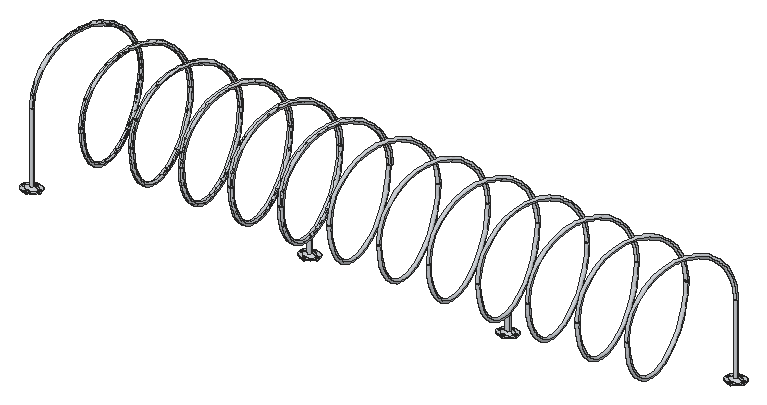
Revit family "Велопарковка из нержавеющей стали «Спираль» Арт 10668 — копия", category Антураж, Revit 2018
Family settings
  На основе рабочей плоскости = Нет
  Всегда вертикально = Да
  При загрузке вырезать с полостями = Нет
  Источник визуального образа = Геометрия семейства
  Общий = Нет
  Точка расчета площади = Нет
Parameters (values of type "Модель на 12 мест")
  Ширина = 550 mm  # constant formula
  Цвет каркаса = Хромированая сталь
  Описание = if(Модель на 5 мест, "Велопарковка из нержавеющей стали «Спираль» Модель на 5 мест", if(Модель на 7 мест, "Велопарковка из нержавеющей стали «Спираль» Модель на 7 мест", if(Модель на 10 мест, "Велопарковка из нержавеющей стали «Спираль» Модель на 10 мест", "Велопарковка из нержавеющей стали «Спираль» Модель на 12 мест")))  # "Велопарковка из нержавеющей стали «Спираль» Модель на 12 мест"
  Модель на 7 мест = no
  Модель на 5 мест = no
  Модель на 12 мест = yes
  Модель на 10 мест = no
  Материал изделия = "Нержавеющая сталь"  # constant formula
  Изображение типоразмера = Велопарковка спираль.jpg
  Изготовитель = "ООО «Хоббика»"  # constant formula
  Длина = if(Модель на 5 мест, 1410 mm, if(Модель на 7 мест, 1910 mm, if(Модель на 10 мест, 2660 mm, 3160 mm)))  # 3160 mm
  Группа модели = "Велопарковки для велосипедов"  # constant formula
  Высота = 650 mm  # constant formula
  Артикул товара = "Арт. 10668"  # constant formula
  URL = ""
Types (5, lengths in mm): name | Описание | Модель на 7 мест | Модель на 5 мест | Модель на 12 мест | Модель на 10 мест | Длина | URL
  (no name) | "Велопарковка из нержавеющей стали «Спираль» Модель на 12 мест" | no | no | yes | no | 3160 | ""
  Модель на 7 мест | "Велопарковка из нержавеющей стали «Спираль» Модель на 7 мест" | yes | no | no | no | 1910 | ""
  Модель на 5 мест | "Велопарковка из нержавеющей стали «Спираль» Модель на 5 мест" | no | yes | no | no | 1410 | ""
  Модель на 10 мест | "Велопарковка из нержавеющей стали «Спираль» Модель на 10 мест" | no | no | no | yes | 2660 | "https://hobbyka.ru/product/veloparkovka_7mi_mestnaya_spiral_iz_nerzhaveyki/"
  Модель на 12 мест | "Велопарковка из нержавеющей стали «Спираль» Модель на 12 мест" | no | no | yes | no | 3160 | ""
Reference planes
  plane 1 "По центру (Вперед/Назад)": y = 0
  plane 2: z = 0
  plane 3 "По центру (Влево/Вправо)": x = 0
  plane 4: x = 3160
  plane 5: y = 550
Lines and regions (mm)
  symbolic lines
    curve 1: line (135.136, 541.5, 0) -> (8.5, 8.5, 0)
Dimensions and locks
  plane 5 to plane 1 "По центру (Вперед/Назад)" = 550 mm
  equal spacing: plane 3 "По центру (Влево/Вправо)", nested 2, plane 4
  equal spacing: plane 5, nested 2, plane 1 "По центру (Вперед/Назад)"
  equal spacing: plane 5, nested 4, plane 1 "По центру (Вперед/Назад)"
  equal spacing: plane 1 "По центру (Вперед/Назад)", nested 7, plane 5
  "Длина": plane 3 "По центру (Влево/Вправо)" to plane 4
  equal spacing: plane 3 "По центру (Влево/Вправо)", nested 4, plane 4
  aligned and locked: level to plane 2
  aligned and locked: plane 3 "По центру (Влево/Вправо)" to nested 3
  aligned and locked: plane 1 "По центру (Вперед/Назад)" to nested 3
  aligned and locked: plane 4 to nested 1
  aligned and locked: nested 6 to nested 4
  aligned and locked: nested 4 to nested 5
  aligned and locked: plane 5 to nested 1
Automatic sketch dimensions
  curve 1 to plane 1 "По центру (Вперед/Назад)" = 8.5 mm
  curve 1 to plane 5 = 8.5 mm
  plane 3 "По центру (Влево/Вправо)" to curve 1 = 135.136 mm
  plane 3 "По центру (Влево/Вправо)" to curve 1 = 8.5 mm
Nested families
  nested 1: "Крайняя левая опора опора" at (3143, 533, 0), type "Крайняя левая опора опора"
  nested 2: "Промежуточная опора" at (1580, 275, 0), visible <- "Модель на 7 мест", type "Промежуточная опора"
  nested 3: "Крайняя левая опора опора" at (0, 0, 0), type "Крайняя левая опора опора"
  nested 4: "Промежуточная опора" at (1580, 275, 0), visible <- "Модель на 5 мест", type "Промежуточная опора"
  nested 5: "Промежуточная опора" at (1707.571, 275, 0), visible <- "Модель на 10 мест", type "Промежуточная опора"
  nested 6: "Промежуточная опора" at (952.429, 275, 0), visible <- "Модель на 10 мест", type "Промежуточная опора"
  nested 7: "Промежуточная опора" at (1202.84, 275, 0), visible <- "Модель на 12 мест", type "Промежуточная опора"
  nested 8: "Промежуточная опора" at (2208.6, 275, 0), visible <- "Модель на 12 мест", type "Промежуточная опора"
  nested 9: "Верхнее кольцо" at (8.5, 8.5, 0) x (0.9733, -0.2296, 0) z (0, 0, 1), visible <- "Модель на 12 мест", type "Верхнее кольцо"
  nested 10: "Нижнее кольцо" at (259.94, 8.5, 0) x (0.9733, 0.2296, 0) z (0, 0, 1), visible <- "Модель на 12 мест", type "Нижнее кольцо"
  nested 11: "Верхнее кольцо" at (259.94, 8.5, 0) x (0.9733, -0.2296, 0) z (0, 0, 1), visible <- "Модель на 12 мест", type "Верхнее кольцо"
  nested 12: "Нижнее кольцо" at (511.38, 8.5, 0) x (0.9733, 0.2296, 0) z (0, 0, 1), visible <- "Модель на 12 мест", type "Нижнее кольцо"
  nested 13: "Верхнее кольцо" at (511.38, 8.5, 0) x (0.9733, -0.2296, 0) z (0, 0, 1), visible <- "Модель на 12 мест", type "Верхнее кольцо"
  nested 14: "Нижнее кольцо" at (762.82, 8.5, 0) x (0.9733, 0.2296, 0) z (0, 0, 1), visible <- "Модель на 12 мест", type "Нижнее кольцо"
  nested 15: "Верхнее кольцо" at (762.82, 8.5, 0) x (0.9733, -0.2296, 0) z (0, 0, 1), visible <- "Модель на 12 мест", type "Верхнее кольцо"
  nested 16: "Нижнее кольцо" at (1014.26, 8.5, 0) x (0.9733, 0.2296, 0) z (0, 0, 1), visible <- "Модель на 12 мест", type "Нижнее кольцо"
  nested 17: "Верхнее кольцо" at (1014.26, 8.5, 0) x (0.9733, -0.2296, 0) z (0, 0, 1), visible <- "Модель на 12 мест", type "Верхнее кольцо"
  nested 18: "Нижнее кольцо" at (1265.7, 8.5, 0) x (0.9733, 0.2296, 0) z (0, 0, 1), visible <- "Модель на 12 мест", type "Нижнее кольцо"
  nested 19: "Верхнее кольцо" at (1265.7, 8.5, 0) x (0.9733, -0.2296, 0) z (0, 0, 1), visible <- "Модель на 12 мест", type "Верхнее кольцо"
  nested 20: "Нижнее кольцо" at (1517.14, 8.5, 0) x (0.9733, 0.2296, 0) z (0, 0, 1), visible <- "Модель на 12 мест", type "Нижнее кольцо"
  nested 21: "Верхнее кольцо" at (1517.14, 8.5, 0) x (0.9733, -0.2296, 0) z (0, 0, 1), visible <- "Модель на 12 мест", type "Верхнее кольцо"
  nested 22: "Нижнее кольцо" at (1768.58, 8.5, 0) x (0.9733, 0.2296, 0) z (0, 0, 1), visible <- "Модель на 12 мест", type "Нижнее кольцо"
  nested 23: "Верхнее кольцо" at (1768.58, 8.5, 0) x (0.9733, -0.2296, 0) z (0, 0, 1), visible <- "Модель на 12 мест", type "Верхнее кольцо"
  nested 24: "Нижнее кольцо" at (2020.02, 8.5, 0) x (0.9733, 0.2296, 0) z (0, 0, 1), visible <- "Модель на 12 мест", type "Нижнее кольцо"
  nested 25: "Верхнее кольцо" at (2020.02, 8.5, 0) x (0.9733, -0.2296, 0) z (0, 0, 1), visible <- "Модель на 12 мест", type "Верхнее кольцо"
  nested 26: "Нижнее кольцо" at (2271.46, 8.5, 0) x (0.9733, 0.2296, 0) z (0, 0, 1), visible <- "Модель на 12 мест", type "Нижнее кольцо"
  nested 27: "Верхнее кольцо" at (2271.46, 8.5, 0) x (0.9733, -0.2296, 0) z (0, 0, 1), visible <- "Модель на 12 мест", type "Верхнее кольцо"
  nested 28: "Нижнее кольцо" at (2522.9, 8.5, 0) x (0.9733, 0.2296, 0) z (0, 0, 1), visible <- "Модель на 12 мест", type "Нижнее кольцо"
  nested 29: "Верхнее кольцо" at (2522.9, 8.5, 0) x (0.9733, -0.2296, 0) z (0, 0, 1), visible <- "Модель на 12 мест", type "Верхнее кольцо"
  nested 30: "Нижнее кольцо" at (2774.34, 8.5, 0) x (0.9733, 0.2296, 0) z (0, 0, 1), visible <- "Модель на 12 мест", type "Нижнее кольцо"
  nested 31: "Верхнее кольцо" at (2774.34, 8.5, 0) x (0.9733, -0.2296, 0) z (0, 0, 1), visible <- "Модель на 12 мест", type "Верхнее кольцо"
  nested 32: "Нижнее кольцо" at (3025.78, 8.5, 0) x (0.9733, 0.2296, 0) z (0, 0, 1), visible <- "Модель на 12 мест", type "Нижнее кольцо"
  nested 33: "Верхнее кольцо" at (3025.78, 8.5, 0) x (0.9733, -0.2296, 0) z (0, 0, 1), visible <- "Модель на 12 мест", type "Верхнее кольцо"
  nested 34: "Верхнее кольцо" at (8.5, 8.5, 0) x (0.9732, -0.2298, 0) z (0, 0, 1), visible <- "Модель на 10 мест", type "Верхнее кольцо"
  nested 35: "Нижнее кольцо" at (260.214, 8.5, 0) x (0.9732, 0.2298, 0) z (0, 0, 1), visible <- "Модель на 10 мест", type "Нижнее кольцо"
  nested 36: "Верхнее кольцо" at (260.214, 8.5, 0) x (0.9732, -0.2298, 0) z (0, 0, 1), visible <- "Модель на 10 мест", type "Верхнее кольцо"
  nested 37: "Нижнее кольцо" at (511.929, 8.5, 0) x (0.9732, 0.2298, 0) z (0, 0, 1), visible <- "Модель на 10 мест", type "Нижнее кольцо"
  nested 38: "Верхнее кольцо" at (511.929, 8.5, 0) x (0.9732, -0.2298, 0) z (0, 0, 1), visible <- "Модель на 10 мест", type "Верхнее кольцо"
  nested 39: "Нижнее кольцо" at (763.643, 8.5, 0) x (0.9732, 0.2298, 0) z (0, 0, 1), visible <- "Модель на 10 мест", type "Нижнее кольцо"
  nested 40: "Верхнее кольцо" at (763.643, 8.5, 0) x (0.9732, -0.2298, 0) z (0, 0, 1), visible <- "Модель на 10 мест", type "Верхнее кольцо"
  nested 41: "Нижнее кольцо" at (1015.357, 8.5, 0) x (0.9732, 0.2298, 0) z (0, 0, 1), visible <- "Модель на 10 мест", type "Нижнее кольцо"
  nested 42: "Верхнее кольцо" at (1015.357, 8.5, 0) x (0.9732, -0.2298, 0) z (0, 0, 1), visible <- "Модель на 10 мест", type "Верхнее кольцо"
  nested 43: "Нижнее кольцо" at (1267.071, 8.5, 0) x (0.9732, 0.2298, 0) z (0, 0, 1), visible <- "Модель на 10 мест", type "Нижнее кольцо"
  nested 44: "Верхнее кольцо" at (1267.071, 8.5, 0) x (0.9732, -0.2298, 0) z (0, 0, 1), visible <- "Модель на 10 мест", type "Верхнее кольцо"
  nested 45: "Нижнее кольцо" at (1518.786, 8.5, 0) x (0.9732, 0.2298, 0) z (0, 0, 1), visible <- "Модель на 10 мест", type "Нижнее кольцо"
  nested 46: "Верхнее кольцо" at (1518.786, 8.5, 0) x (0.9732, -0.2298, 0) z (0, 0, 1), visible <- "Модель на 10 мест", type "Верхнее кольцо"
  nested 47: "Нижнее кольцо" at (1770.5, 8.5, 0) x (0.9732, 0.2298, 0) z (0, 0, 1), visible <- "Модель на 10 мест", type "Нижнее кольцо"
  nested 48: "Верхнее кольцо" at (1770.5, 8.5, 0) x (0.9732, -0.2298, 0) z (0, 0, 1), visible <- "Модель на 10 мест", type "Верхнее кольцо"
  nested 49: "Нижнее кольцо" at (2022.214, 8.5, 0) x (0.9732, 0.2298, 0) z (0, 0, 1), visible <- "Модель на 10 мест", type "Нижнее кольцо"
  nested 50: "Верхнее кольцо" at (2022.214, 8.5, 0) x (0.9732, -0.2298, 0) z (0, 0, 1), visible <- "Модель на 10 мест", type "Верхнее кольцо"
  nested 51: "Нижнее кольцо" at (2273.929, 8.5, 0) x (0.9732, 0.2298, 0) z (0, 0, 1), visible <- "Модель на 10 мест", type "Нижнее кольцо"
  nested 52: "Верхнее кольцо" at (2273.929, 8.5, 0) x (0.9732, -0.2298, 0) z (0, 0, 1), visible <- "Модель на 10 мест", type "Верхнее кольцо"
  nested 53: "Нижнее кольцо" at (2525.643, 8.5, 0) x (0.9732, 0.2298, 0) z (0, 0, 1), visible <- "Модель на 10 мест", type "Нижнее кольцо"
  nested 54: "Верхнее кольцо" at (2525.643, 8.5, 0) x (0.9732, -0.2298, 0) z (0, 0, 1), visible <- "Модель на 10 мест", type "Верхнее кольцо"
  nested 55: "Верхнее кольцо" at (8.5, 8.5, 0) x (0.9731, -0.2304, 0) z (0, 0, 1), visible <- "Модель на 7 мест", type "Верхнее кольцо"
  nested 56: "Нижнее кольцо" at (260.9, 8.5, 0) x (0.9731, 0.2304, 0) z (0, 0, 1), visible <- "Модель на 7 мест", type "Нижнее кольцо"
  nested 57: "Верхнее кольцо" at (260.9, 8.5, 0) x (0.9731, -0.2304, 0) z (0, 0, 1), visible <- "Модель на 7 мест", type "Верхнее кольцо"
  nested 58: "Нижнее кольцо" at (513.3, 8.5, 0) x (0.9731, 0.2304, 0) z (0, 0, 1), visible <- "Модель на 7 мест", type "Нижнее кольцо"
  nested 59: "Верхнее кольцо" at (513.3, 8.5, 0) x (0.9731, -0.2304, 0) z (0, 0, 1), visible <- "Модель на 7 мест", type "Верхнее кольцо"
  nested 60: "Нижнее кольцо" at (765.7, 8.5, 0) x (0.9731, 0.2304, 0) z (0, 0, 1), visible <- "Модель на 7 мест", type "Нижнее кольцо"
  nested 61: "Верхнее кольцо" at (765.7, 8.5, 0) x (0.9731, -0.2304, 0) z (0, 0, 1), visible <- "Модель на 7 мест", type "Верхнее кольцо"
  nested 62: "Нижнее кольцо" at (1018.1, 8.5, 0) x (0.9731, 0.2304, 0) z (0, 0, 1), visible <- "Модель на 7 мест", type "Нижнее кольцо"
  nested 63: "Верхнее кольцо" at (1018.1, 8.5, 0) x (0.9731, -0.2304, 0) z (0, 0, 1), visible <- "Модель на 7 мест", type "Верхнее кольцо"
  nested 64: "Нижнее кольцо" at (1270.5, 8.5, 0) x (0.9731, 0.2304, 0) z (0, 0, 1), visible <- "Модель на 7 мест", type "Нижнее кольцо"
  nested 65: "Верхнее кольцо" at (1270.5, 8.5, 0) x (0.9731, -0.2304, 0) z (0, 0, 1), visible <- "Модель на 7 мест", type "Верхнее кольцо"
  nested 66: "Нижнее кольцо" at (1522.9, 8.5, 0) x (0.9731, 0.2304, 0) z (0, 0, 1), visible <- "Модель на 7 мест", type "Нижнее кольцо"
  nested 67: "Верхнее кольцо" at (1522.9, 8.5, 0) x (0.9731, -0.2304, 0) z (0, 0, 1), visible <- "Модель на 7 мест", type "Верхнее кольцо"
  nested 68: "Нижнее кольцо" at (1775.3, 8.5, 0) x (0.9731, 0.2304, 0) z (0, 0, 1), visible <- "Модель на 7 мест", type "Нижнее кольцо"
  nested 69: "Верхнее кольцо" at (1775.3, 8.5, 0) x (0.9731, -0.2304, 0) z (0, 0, 1), visible <- "Модель на 7 мест", type "Верхнее кольцо"
  nested 70: "Верхнее кольцо" at (8.5, 8.5, 0) x (0.9729, -0.2312, 0) z (0, 0, 1), type "Верхнее кольцо"
  nested 71: "Нижнее кольцо" at (261.773, 8.5, 0) x (0.9729, 0.2312, 0) z (0, 0, 1), type "Нижнее кольцо"
  nested 72: "Верхнее кольцо" at (261.773, 8.5, 0) x (0.9729, -0.2312, 0) z (0, 0, 1), type "Верхнее кольцо"
  nested 73: "Нижнее кольцо" at (515.045, 8.5, 0) x (0.9729, 0.2312, 0) z (0, 0, 1), type "Нижнее кольцо"
  nested 74: "Верхнее кольцо" at (515.045, 8.5, 0) x (0.9729, -0.2312, 0) z (0, 0, 1), type "Верхнее кольцо"
  nested 75: "Нижнее кольцо" at (768.318, 8.5, 0) x (0.9729, 0.2312, 0) z (0, 0, 1), type "Нижнее кольцо"
  nested 76: "Верхнее кольцо" at (768.318, 8.5, 0) x (0.9729, -0.2312, 0) z (0, 0, 1), type "Верхнее кольцо"
  nested 77: "Нижнее кольцо" at (1021.591, 8.5, 0) x (0.9729, 0.2312, 0) z (0, 0, 1), type "Нижнее кольцо"
  nested 78: "Верхнее кольцо" at (1021.591, 8.5, 0) x (0.9729, -0.2312, 0) z (0, 0, 1), type "Верхнее кольцо"
  nested 79: "Нижнее кольцо" at (1274.864, 8.5, 0) x (0.9729, 0.2312, 0) z (0, 0, 1), type "Нижнее кольцо"
  nested 80: "Верхнее кольцо" at (1274.864, 8.5, 0) x (0.9729, -0.2312, 0) z (0, 0, 1), type "Верхнее кольцо"
Definition of nested family "Крайняя левая опора опора"
  Parameters (values of type "Крайняя левая опора опора")
    Цвет каркаса = none
    Height = 0 mm
  Reference planes
    plane 1 "По центру (Вперед/Назад)": y = 0
    plane 2: z = 0
    plane 3 "По центру (Влево/Вправо)": x = 0
    plane 4: y = 17
    plane 5: x = 17
  Forms (mm)
    Extrusion 1, solid, material <- "Цвет каркаса"
      sketch origin (58.5, 51, 0) x (-1, 0, 0) y (0, -1, 0)
        loop
          spline (0, 42.5) -> (1.704, 31.5) -> (6.699, 21.25) -> (14.645, 12.448) -> (25, 5.694) -> (37.059, 1.448) -> (50, 0) -> (62.941, 1.448) -> (75, 5.694) -> (85.355, 12.448) -> (93.301, 21.25) -> (98.296, 31.5) -> (100, 42.5)
          spline (100, 42.5) -> (98.296, 53.5) -> (93.301, 63.75) -> (85.355, 72.552) -> (75, 79.306) -> (62.941, 83.552) -> (50, 85) -> (37.059, 83.552) -> (25, 79.306) -> (14.645, 72.552) -> (6.699, 63.75) -> (1.704, 53.5) -> (0, 42.5)
        loop
          circle (10.494, 42.5) r 5
        loop
          circle (89.506, 42.5) r 5
        loop
          circle (50, 75) r 5
        loop
          circle (50, 10) r 5
      from 0 to 1
    Extrusion 2, solid, material <- "Цвет каркаса"
      sketch origin (58.5, 51, 0) x (-1, 0, 0) y (0, -1, 0)
        loop
          circle (50, 42.5) r 8.5
      from 0 to 365
    Blend 3, solid, material <- "Цвет каркаса"
      base sketch origin (58.5, 51, 0) x (-1, 0, 0) y (0, -1, 0)
        loop
          spline (20, 42.5) -> (20.773, 37.507) -> (23.243, 32.496) -> (27.609, 27.68) -> (33.809, 23.657) -> (41.506, 20.948) -> (49.998, 20.008) -> (58.499, 20.948) -> (66.19, 23.649) -> (72.402, 27.69) -> (76.754, 32.484) -> (79.224, 37.516) -> (80, 42.5)
          spline (80, 42.5) -> (79.227, 47.493) -> (76.757, 52.504) -> (72.391, 57.32) -> (66.191, 61.343) -> (58.494, 64.052) -> (50.002, 64.992) -> (41.501, 64.052) -> (33.81, 61.351) -> (27.598, 57.31) -> (23.246, 52.516) -> (20.776, 47.484) -> (20, 42.5)
      top sketch origin (58.5, 51, 0) x (-1, 0, 0) y (0, -1, 0)
        loop
          circle (50, 42.5) r 8.5
      from 1 to 11
    Extrusion 4, solid
      sketch origin (58.5, 51, 0) x (-1, 0, 0) y (0, -1, 0)
        loop
          circle (10.494, 42.5) r 5
        loop
          circle (50, 75) r 5
        loop
          circle (89.506, 42.5) r 5
        loop
          circle (50, 10) r 5
      from 1 to -9
    Extrusion 5, solid
      sketch origin (58.5, 51, 0) x (-1, 0, 0) y (0, -1, 0)
        loop
          line (16.994, 46.253) -> (10.494, 50.006) -> (3.994, 46.253) -> (3.994, 38.747) -> (10.494, 34.994) -> (16.994, 38.747) -> (16.994, 46.253)
        loop
          line (56.5, 78.753) -> (50, 82.506) -> (43.5, 78.753) -> (43.5, 71.247) -> (50, 67.494) -> (56.5, 71.247) -> (56.5, 78.753)
        loop
          line (96.006, 46.253) -> (89.506, 50.006) -> (83.006, 46.253) -> (83.006, 38.747) -> (89.506, 34.994) -> (96.006, 38.747) -> (96.006, 46.253)
        loop
          line (56.5, 13.753) -> (50, 17.506) -> (43.5, 13.753) -> (43.5, 6.247) -> (50, 2.494) -> (56.5, 6.247) -> (56.5, 13.753)
      from 1 to 3
  Cuts and joins
    joined: Extrusion 1, Extrusion 2, Blend 3
    joined: Extrusion 4, Extrusion 5
  Lines and regions (mm)
    reference lines
      curve 1: line (8.5, 53.187, 0) -> (8.5, -50.377, 0)
      curve 2: line (-48, 8.5, 0) -> (77, 8.5, 0)
  Dimensions and locks
    aligned and locked: level to plane 2
Definition of nested family "Промежуточная опора"
  Parameters (values of type "Промежуточная опора")
    Цвет каркаса = none
    Height = 0 mm
  Reference planes
    plane 1 "По центру (Вперед/Назад)": y = 0
    plane 2: z = 0
    plane 3 "По центру (Влево/Вправо)": x = 0
  Forms (mm)
    Extrusion 1, solid, material <- "Цвет каркаса"
      sketch origin (-50, -42.5, 0) x (1, 0, 0) y (0, 1, 0)
        loop
          spline (0, 42.5) -> (1.704, 31.5) -> (6.699, 21.25) -> (14.645, 12.448) -> (25, 5.694) -> (37.059, 1.448) -> (50, 0) -> (62.941, 1.448) -> (75, 5.694) -> (85.355, 12.448) -> (93.301, 21.25) -> (98.296, 31.5) -> (100, 42.5)
          spline (100, 42.5) -> (98.296, 53.5) -> (93.301, 63.75) -> (85.355, 72.552) -> (75, 79.306) -> (62.941, 83.552) -> (50, 85) -> (37.059, 83.552) -> (25, 79.306) -> (14.645, 72.552) -> (6.699, 63.75) -> (1.704, 53.5) -> (0, 42.5)
        loop
          circle (10.494, 42.5) r 5
        loop
          circle (89.506, 42.5) r 5
        loop
          circle (50, 75) r 5
        loop
          circle (50, 10) r 5
      from 0 to 1
    Extrusion 2, solid, material <- "Цвет каркаса"
      sketch origin (-50, -42.5, 0) x (1, 0, 0) y (0, 1, 0)
        loop
          circle (50, 42.5) r 10.5
      from 0 to 85
    Blend 3, solid, material <- "Цвет каркаса"
      base sketch origin (-50, -42.5, 0) x (1, 0, 0) y (0, 1, 0)
        loop
          spline (20, 42.5) -> (20.773, 37.507) -> (23.243, 32.496) -> (27.609, 27.68) -> (33.809, 23.657) -> (41.506, 20.948) -> (49.998, 20.008) -> (58.499, 20.948) -> (66.19, 23.649) -> (72.402, 27.69) -> (76.754, 32.484) -> (79.224, 37.516) -> (80, 42.5)
          spline (80, 42.5) -> (79.227, 47.493) -> (76.757, 52.504) -> (72.391, 57.32) -> (66.191, 61.343) -> (58.494, 64.052) -> (50.002, 64.992) -> (41.501, 64.052) -> (33.81, 61.351) -> (27.598, 57.31) -> (23.246, 52.516) -> (20.776, 47.484) -> (20, 42.5)
      top sketch origin (-50, -42.5, 0) x (1, 0, 0) y (0, 1, 0)
        loop
          circle (50, 42.5) r 10.5
      from 1 to 11
    Extrusion 4, solid
      sketch origin (-50, -42.5, 0) x (1, 0, 0) y (0, 1, 0)
        loop
          circle (10.494, 42.5) r 5
        loop
          circle (50, 75) r 5
        loop
          circle (89.506, 42.5) r 5
        loop
          circle (50, 10) r 5
      from 1 to -9
    Extrusion 5, solid
      sketch origin (-50, -42.5, 0) x (1, 0, 0) y (0, 1, 0)
        loop
          line (16.994, 46.253) -> (10.494, 50.006) -> (3.994, 46.253) -> (3.994, 38.747) -> (10.494, 34.994) -> (16.994, 38.747) -> (16.994, 46.253)
        loop
          line (56.5, 78.753) -> (50, 82.506) -> (43.5, 78.753) -> (43.5, 71.247) -> (50, 67.494) -> (56.5, 71.247) -> (56.5, 78.753)
        loop
          line (96.006, 46.253) -> (89.506, 50.006) -> (83.006, 46.253) -> (83.006, 38.747) -> (89.506, 34.994) -> (96.006, 38.747) -> (96.006, 46.253)
        loop
          line (56.5, 13.753) -> (50, 17.506) -> (43.5, 13.753) -> (43.5, 6.247) -> (50, 2.494) -> (56.5, 6.247) -> (56.5, 13.753)
      from 1 to 3
  Cuts and joins
    joined: Extrusion 1, Extrusion 2, Blend 3
    joined: Extrusion 4, Extrusion 5
  Dimensions and locks
    aligned and locked: level to plane 2
Definition of nested family "Верхнее кольцо"
  Parameters (values of type "Верхнее кольцо")
    Цвет каркаса = none
    Height = 0 mm
  Reference planes
    plane 1 "По центру (Вперед/Назад)": y = 0
    plane 2: z = 0
    plane 3 "По центру (Влево/Вправо)": x = 0
    plane 4: y = 547.6
    plane 5: z = 650
    plane 6: z = 365
  Forms (mm)
    Sweep 1, solid
      path origin (0, 0, 0) x (0, 1, 0) y (0, 0, 1)
        loop
          line (0, 365) -> (0, 367.7)
          arc (0, 367.7) -> (273.8, 641.5) -> (547.6, 367.7) r 273.8
          line (547.6, 367.7) -> (547.6, 365)
      profile origin (0, 273.8, 641.5) x (0, 0, 1) y (1, 0, 0)
        loop
          circle (0, 0) r 8.5
  Lines and regions (mm)
    reference lines
      curve 1: line (-112.633, -443.248, 0) -> (-112.633, -460.247, 0)
      curve 2: line (-121.133, -451.747, 0) -> (-104.133, -451.747, 0)
  Dimensions and locks
    plane 5 to level = 650 mm
    plane 6 to level = 365 mm
    plane 1 "По центру (Вперед/Назад)" to plane 4 = 547.6 mm
    aligned and locked: level to plane 2
Definition of nested family "Нижнее кольцо"
  Parameters (values of type "Нижнее кольцо")
    Цвет каркаса = none
    Height = 0 mm
  Reference planes
    plane 1 "По центру (Вперед/Назад)": y = 0
    plane 2: z = 0
    plane 3 "По центру (Влево/Вправо)": x = 0
    plane 4: y = 547.6
    plane 5: z = 650
    plane 6: z = 365
  Forms (mm)
    Sweep 1, solid
      path origin (0, 0, 730) x (0, 1, 0) y (0, 0, 1)
        loop
          line (0, -365) -> (0, -367.7)
          arc (0, -367.7) -> (273.8, -641.5) -> (547.6, -367.7) r 273.8
          line (547.6, -367.7) -> (547.6, -365)
      profile origin (0, 273.8, 88.5) x (0, 0, 1) y (1, 0, 0)
        loop
          circle (0, 0) r 8.5
  Lines and regions (mm)
    reference lines
      curve 1: line (-112.633, -443.248, 0) -> (-112.633, -460.247, 0)
      curve 2: line (-121.133, -451.747, 0) -> (-104.133, -451.747, 0)
  Dimensions and locks
    plane 5 to level = 650 mm
    plane 6 to level = 365 mm
    plane 1 "По центру (Вперед/Назад)" to plane 4 = 547.6 mm
    aligned and locked: level to plane 2
